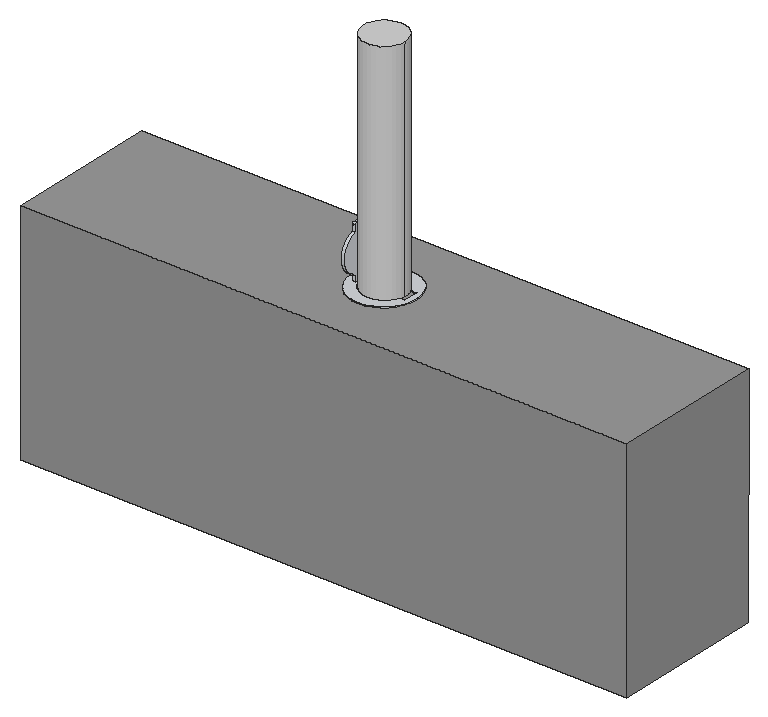
Revit family "Bollard-1_800_Bollards-Low_Speed-Internal_Locking_Removable-CS3", category Site, Revit 2017
Family settings
  Round Connector Dimension = Use Diameter
  Part Type = Normal
  OmniClass Number = 23.15.10.11.21
  OmniClass Title = Traffic Safety Barriers and Protections
  Work Plane-Based = No
  Always vertical = Yes
  Cut with Voids When Loaded = No
  Shared = No
Parameters (values of type "6 in 20 mph")
  URL = "https://1800bollards.com/"
  Type Comments = if([6 in Bollard], "6 in 20 mph Low Speed Crash Tested Bollard", if([8 in Bollard], "8 in 30 mph Low Speed Crash Tested Bollard", "4 in 10 mph Low Speed Crash Tested Bollard"))  # "6 in 20 mph Low Speed Crash Tested Bollard"
  Thickness = if([6 in Bollard], 0' 6 159/256", if([8 in Bollard], 0' 8 159/256", 0' 4 1/2"))  # 0' - 6 159/256"
  Stainless Steel = not(Carbon Steel)  # yes
  Sloped Offset [instance] = if(Sloped, 0' 0", Thickness)  # 0' - 6 159/256"
  Sloped [instance] = no
  Reveal Offset [instance] = if(Reveal, 0' 2 179/256", 0' 0")  # 0' - 0"
  Reveal [instance] = no
  Rebar by others = yes
  Product Page URL = "https://1800bollards.com/20-mph-low-speed-crash-tested-bollards/"
  Product Name = "Low Speed Crash Tested Bollards"  # constant formula
  Product Documentation Link = "https://1800bollards.com/20-mph-low-speed-crash-tested-bollards/"
  Model = "Internal Locking Removable Low Speed Crash Tested Bollard"  # constant formula
  Manufacturer = "1-800-BOLLARDS"  # constant formula
  Height Below Grade = 1' - 5 1/4"  # constant formula
  Height = 3' - 0"  # constant formula
  Foundation Width = 2' - 0"  # constant formula
  Foundation Length = if([4 in Bollard], 5' 0", 8' 0")  # 8' - 0"
  Foundation Depth = 3' - 0"  # constant formula
  Flat [instance] = not(or(or(Dome, Reveal, Sloped)))  # yes
  Finish = Metal-1_800_Bollards-Stainless_Steel
  Dome Offset [instance] = if(Dome, 0' 0", Dome Height + 0' 1")  # 0' - 2.91135"
  Dome Height = Bollard Radius * tan(30.00°)  # 0' - 1.91135"
  Dome [instance] = no
  Description = if(Carbon Steel, "Carbon Steel Low Speed Removable Bollard", "Stainless Steel Low Speed Removable Bollard")  # "Stainless Steel Low Speed Removable Bollard"
  Concrete by others = yes
  Concrete Finish by others = Concrete, Lightweight
  Carbon Steel = no
  Bollard Radius = Thickness / 2  # 0' - 3.31055"
  Bollard Cap Radius = Bollard Radius + 0' 1 215/256"  # 0' - 5.15039"
  Assembly Code = "G2020400"
  8 in Bollard = no
  6 in Bollard = yes
  4 in Bollard = not(or([6 in Bollard], [8 in Bollard]))  # no
Reference planes (in)
  plane 1 "Center (Front/Back)": y = 0
  plane 2: z = 0
  plane 3 "Center (Left/Right)": x = 0
  plane 4 "Top": z = 36
  plane 5 "Bottom": z = -17.25
  plane 6 "Right": x = 3.31055
  plane 7 "Left": x = -3.31055
  plane 8 "Back": y = 3.31055
  plane 9 "Front": y = -3.31055
Forms (in)
  Extrusion 1, solid, material "Metal-1_800_Bollards-Stainless_Steel" <- "Finish", detail levels medium+fine
    sketch origin (0, 0, 0) x (1, 0, 0) y (0, 1, 0)
      loop
        circle (0, 0) r 3.31055
    from -17.25 to 36
  Extrusion 2, solid, material "Metal-1_800_Bollards-Stainless_Steel" <- "Finish", detail levels coarse
    sketch origin (0, 0, 0) x (1, 0, 0) y (0, 1, 0)
      loop
        line (-3.31055, 3.31055) -> (-3.31055, -3.31055) -> (3.31055, -3.31055) -> (3.31055, 3.31055) -> (-3.31055, 3.31055)
    from -17.25 to 36
  Extrusion 3, void
    sketch origin (0, 0, 0) x (0, 1, 0) y (0, 0, 1)
      loop
        line (-3.31055, 42.62109) -> (3.31055, 37.98495) -> (3.31055, 42.62109) -> (-3.31055, 42.62109)
    from -3.31055 to 3.31055
  Revolve 4, void
    sketch origin (0, 0, 0.125) x (1, 0, 0) y (0, 0, 1)
      loop
        line (3.1567, 37.125) -> (3.1567, 35.875) -> (3.31055, 35.875) -> (3.31055, 37.125) -> (3.1567, 37.125)
      axis (0, 35.875) -> (0, 37.125)
    angle from 0 to 360
  Revolve 5, void
    sketch origin (0, 0, 0) x (1, 0, 0) y (0, 0, 1)
      loop
        line (3.31055, 37) -> (3.31055, 38.91135) -> (0, 38.91135)
        arc (0, 38.91135) -> (1.91135, 38.3992) -> (3.31055, 37) r 3.82269
      axis (0, 38.91135) -> (0, 37)
    angle from 0 to 360
  Extrusion 6, solid, material "Concrete, Lightweight" <- "Concrete Finish by others", visible <- "Concrete by others"
    sketch origin (0, 0, 0) x (0, 1, 0) y (0, 0, 1)
      loop
        line (12, 0) -> (-12, 0) -> (-12, -36) -> (12, -36) -> (12, 0)
    from -48 to 48
Cuts and joins
  Extrusion 3, Revolve 4, Revolve 5 cuts Extrusion 1
Dimensions and locks (in)
  "Height": plane 4 "Top" to level
  "Height Below Grade": level to plane 5 "Bottom"
  "Thickness": plane 7 "Left" to plane 6 "Right"
  "Thickness": plane 9 "Front" to plane 8 "Back"
  equal spacing: plane 9 "Front", plane 1 "Center (Front/Back)", plane 8 "Back"
  equal spacing: plane 7 "Left", plane 3 "Center (Left/Right)", plane 6 "Right"
  "Sloped Offset": Extrusion 3 sketch curve to plane 4 "Top"
  plane 6 "Right" to Revolve 4 sketch curve to Revolve 4 sketch curve = 0' - 0" locked, 0' - 0.15385" locked
  "Reveal Offset": plane 4 "Top" to Revolve 4 sketch curve
  locked: Revolve 4 sketch curve to Revolve 4 sketch curve at 1.25
  "Dome Offset": Revolve 5 sketch curve to plane 4 "Top"
  "Dome Height": Revolve 5 sketch curve to Revolve 5 sketch curve
  "Foundation Depth": Extrusion 6 to level
  "Foundation Width": Extrusion 6 to Extrusion 6
  equal spacing: Extrusion 6, plane 1 "Center (Front/Back)", Extrusion 6
  equal spacing: Extrusion 6, plane 3 "Center (Left/Right)", Extrusion 6
  "Foundation Length": Extrusion 6 to Extrusion 6
  locked: plane 1 "Center (Front/Back)" to nested 3 at 12
  locked: plane 3 "Center (Left/Right)" to Extrusion 1 sketch curve at 0
  locked: Extrusion 1 sketch curve to plane 1 "Center (Front/Back)" at 0
  "Bollard Radius": radius of Extrusion 1 sketch curve
  locked: Extrusion 3 sketch curve to plane 4 "Top" (angle 35.00°)
  aligned and locked: plane 2 to level
  aligned and locked: plane 4 "Top" to Extrusion 1
  aligned and locked: plane 8 "Back" to Extrusion 2 sketch curve
  aligned and locked: plane 7 "Left" to Extrusion 2 sketch curve
  aligned and locked: Extrusion 2 sketch curve to plane 9 "Front"
  aligned and locked: Extrusion 2 sketch curve to plane 6 "Right"
  aligned and locked: plane 4 "Top" to Extrusion 2
  aligned and locked: Revolve 4 sketch curve to plane 3 "Center (Left/Right)"
  aligned and locked: plane 6 "Right" to Revolve 5 sketch curve
  aligned and locked: plane 3 "Center (Left/Right)" to Revolve 5 sketch curve
  aligned and locked: plane 5 "Bottom" to Extrusion 1
  aligned and locked: plane 6 "Right" to Extrusion 3
  aligned and locked: Extrusion 3 to plane 7 "Left"
  aligned and locked: Extrusion 3 sketch curve to plane 8 "Back"
  aligned and locked: plane 9 "Front" to Extrusion 3 sketch curve
  aligned and locked: plane 5 "Bottom" to Extrusion 2
  aligned and locked: nested 2 to plane 1 "Center (Front/Back)"
  aligned and locked: nested 2 to level
  aligned and locked: nested 1 to level
  aligned and locked: nested 2 to Extrusion 6 sketch curve
  aligned and locked: plane 3 "Center (Left/Right)" to nested 3
  aligned and locked: plane 3 "Center (Left/Right)" to nested 4
  aligned and locked: plane 1 "Center (Front/Back)" to nested 4
  aligned and locked: nested 4 to plane 2
Automatic sketch dimensions
  plane 9 "Front" to Extrusion 6 sketch curve = 0' - 8.68945"
  Extrusion 6 sketch curve to plane 8 "Back" = 0' - 8.68945"
  plane 5 "Bottom" to Extrusion 6 sketch curve = 1' - 6 3/4"
  Revolve 4 sketch curve to plane 4 "Top" = 0' - 0.67477"
  Revolve 4 sketch curve to Revolve 4 sketch curve = 0' - 0.45023"
  Revolve 5 sketch curve to plane 3 "Center (Left/Right)" = 0' - 0"
  Revolve 5 sketch curve to Revolve 5 sketch curve = 0' - 0.90788"
  Revolve 5 sketch curve to Revolve 5 sketch curve = 0' - 0 5/8"
Nested families (in)
  nested 1: "Nested-1_800_Bollards-Low_Speed-Mounting_Detail" at (0, 0, 0) x (1, 0, 0) z (0, -1, 0), type "Mounting Detail Front View"
  nested 2: "Nested-1_800_Bollards-Low_Speed-Mounting_Detail" at (0, 0, 0) x (0, 1, 0) z (1, 0, 0), type "Mounting Detail Side View"
  nested 3: "Nested-1_800_Bollards-Low_Speed-Mounting_Detail_Top" at (0, 12, 0), type "Bollard Top View"
  nested 4: "Nested-1-800-Bollards-Cover" at (-3.56836, 0, 0), type "Cover"
Definition of nested family "Nested-1-800-Bollards-Cover"
  Parameters (values of type "Cover")
    URL = "https://1800bollards.com/"
    Type Comments = "For use with 1-800-Bollards Models Only"  # constant formula
    Padlock = yes
    Model = "Cover"  # constant formula
    Manufacturer = "1-800-Bollards"  # constant formula
    Finish = none
    Description = "Removable Hole Cover"  # constant formula
    Bollard Radius = 0' - 3.31055"
    Bollard Insert = Bollard Radius + 0' 0 33/128"  # 0' - 3.56836"
    Bollard Cap Radius = Bollard Radius + 0' 1 215/256"  # 0' - 5.15039"
  Reference planes (in)
    plane 1 "Center (Front/Back)": y = 0
    plane 2: z = 0
    plane 3 "Center (Left/Right)": x = 0
    plane 4 "Insert": x = 3.56836
  Forms (in)
    Extrusion 1, solid, material <- "Finish", detail levels medium+fine
      sketch origin (6.51405, -0.00005, 0) x (0, 1, 0) y (0, 0, 1)
        loop
          arc (1.21383, 0.94738) -> (3.32048, 4.03127) -> (1.21383, 7.11515) r 3.31055
          line (1.21383, 7.11515) -> (1.21383, 8.08128)
          arc (1.21383, 8.08128) -> (1.14567, 8.24583) -> (0.98112, 8.31399) r 0.23271
          line (0.98112, 8.31399) -> (-0.98101, 8.31399)
          arc (-0.98101, 8.31399) -> (-1.14556, 8.24583) -> (-1.21372, 8.08128) r 0.23271
          line (-1.21372, 8.08128) -> (-1.21372, 7.11515)
          arc (-1.21372, 7.11515) -> (-3.32037, 4.03127) -> (-1.21372, 0.94738) r 3.31055
          line (-1.21372, 0.94738) -> (-1.21372, 0) -> (1.21383, 0) -> (1.21383, 0.94738)
      from -7.02854 to -6.51405
    Revolve 2, solid, material <- "Finish", visible <- "Padlock", detail levels fine
      sketch origin (-0.51449, -0.00207, -0.00238) x (0, 1, 0) y (0, 0, 1)
        loop
          arc (-0.47364, 7.6877) -> (-0.62902, 7.53232) -> (-0.47364, 7.37694) r 0.15538
          line (-0.47364, 7.37694) -> (-0.35666, 7.37694) -> (-0.35666, 7.6877) -> (-0.47364, 7.6877)
        axis (0, 7.6877) -> (0, 7.37694)
      angle from 0 to 180
    Extrusion 3, solid, material <- "Finish", detail levels coarse
      sketch origin (0, 0, 0) x (1, 0, 0) y (0, 1, 0)
        loop
          line (-1.57848, 5.15039) -> (-1.57848, -5.15039) -> (8.66717, -5.15039) -> (8.66717, 5.15039) -> (-1.57848, 5.15039)
        loop
          line (0.25781, 3.31055) -> (0.25781, -3.31055) -> (6.87891, -3.31055) -> (6.87891, 3.31055) -> (0.25781, 3.31055)
      from 0 to 0.09354
    Extrusion 4, solid, material <- "Finish", detail levels medium+fine
      sketch origin (0, 0, 0) x (1, 0, 0) y (0, 1, 0)
        loop
          circle (3.51678, 0) r 5.15039
        loop
          line (7.56679, 1.22365) -> (6.70382, 1.22365)
          arc (6.70382, 1.22365) -> (3.56836, 3.47184) -> (0.4329, 1.22365) r 3.31055
          line (0.4329, 1.22365) -> (-0.51449, 1.22365) -> (-0.51449, -1.2039) -> (0.42628, -1.2039)
          arc (0.42628, -1.2039) -> (3.56836, -3.47184) -> (6.71044, -1.2039) r 3.31055
          line (6.71044, -1.2039) -> (7.56679, -1.2039)
          arc (7.56679, -1.2039) -> (7.73135, -1.13574) -> (7.7995, -0.97119) r 0.23271
          line (7.7995, -0.97119) -> (7.7995, 0.99094)
          arc (7.7995, 0.99094) -> (7.73135, 1.15549) -> (7.56679, 1.22365) r 0.23271
      from 0 to 0.09354
  Dimensions and locks (in)
    Extrusion 1 sketch curve to Extrusion 1 sketch curve to Extrusion 1 sketch curve = 0' - 0" locked, 0' - 1.19884" locked
    Extrusion 1 sketch curve to Extrusion 1 sketch curve to Extrusion 1 sketch curve to level = 0' - 0" locked, 0' - 0.94738" locked, 0' - 0" locked
    Extrusion 1 sketch curve to Extrusion 1 sketch curve to plane 1 "Center (Front/Back)" to Extrusion 1 sketch curve to Extrusion 1 sketch curve = 0' - 0" locked, 0' - 1.21377" locked, 0' - 1.21377" locked, 0' - 0" locked
    Extrusion 1 to Extrusion 1 = 0' - 0.51449"
    plane 1 "Center (Front/Back)" to Revolve 2 sketch curve to Revolve 2 sketch curve = 0' - 0.35873" locked, 0' - 0.27236" locked
    Extrusion 1 to Revolve 2 sketch curve to Revolve 2 sketch curve = 0' - 0.62867" locked, 0' - 0.31076" locked
    Extrusion 4 sketch curve to Extrusion 4 sketch curve to plane 1 "Center (Front/Back)" to Extrusion 4 sketch curve to Extrusion 4 sketch curve = 0' - 0" locked, 0' - 1.2039" locked, 0' - 1.22365" locked, 0' - 0" locked
    Extrusion 4 sketch curve to plane 3 "Center (Left/Right)" to Extrusion 4 sketch curve = 0' - 0.51449" locked, 0' - 0.4329" locked
    "Bollard Cap Radius": plane 1 "Center (Front/Back)" to Extrusion 3 sketch curve  (x2)
    locked: Extrusion 3 sketch curve to Extrusion 4
    locked: Extrusion 3 sketch curve to plane 3 "Center (Left/Right)" at 1.57848
    Extrusion 4 sketch curve to Extrusion 4 sketch curve to Extrusion 4 sketch curve = 0' - 0.00662" locked, 0' - 1.08906" locked
    "Bollard Insert": plane 3 "Center (Left/Right)" to plane 4 "Insert"
    "Bollard Radius": Extrusion 3 sketch curve to plane 4 "Insert"
    "Bollard Radius": plane 4 "Insert" to Extrusion 3 sketch curve
    "Bollard Radius": plane 1 "Center (Front/Back)" to Extrusion 3 sketch curve
    "Bollard Radius": Extrusion 3 sketch curve to plane 1 "Center (Front/Back)"
    Extrusion 3 to Extrusion 4 to level = 0' - 0" locked, 0' - 0.09354" locked
    locked: Extrusion 1 to plane 3 "Center (Left/Right)" at 0.51449
    "Bollard Radius": radius of Extrusion 1 sketch curve  (x2)
    "Bollard Radius": radius of Extrusion 4 sketch curve
    "Bollard Cap Radius": radius of Extrusion 4 sketch curve
    aligned and locked: plane 2 to level
    aligned and locked: Extrusion 3 to level
    aligned and locked: Extrusion 4 to level
    aligned and locked: plane 3 "Center (Left/Right)" to Extrusion 1
  Automatic sketch dimensions
    Revolve 2 sketch curve to Extrusion 1 = 0' - 0.38736"
    Revolve 2 sketch curve to Revolve 2 sketch curve = 0' - 0.35666"
    Revolve 2 sketch curve to Revolve 2 sketch curve = 0' - 2.83349"
    Extrusion 1 sketch curve to Extrusion 1 sketch curve = 0' - 0.23271"  (x2)
    plane 1 "Center (Front/Back)" to Extrusion 1 sketch curve = 0' - 0.00987"
    plane 1 "Center (Front/Back)" to Extrusion 4 sketch curve = 0' - 0"
    Extrusion 4 sketch curve to plane 4 "Insert" = 0' - 0"  (x2)
    Extrusion 4 sketch curve to plane 4 "Insert" = 0' - 0.05158"
    Extrusion 4 sketch curve to Extrusion 4 sketch curve = 0' - 0.23271"  (x2)
    plane 1 "Center (Front/Back)" to Extrusion 4 sketch curve = 0' - 0.16129"
Definition of nested family "Nested-1_800_Bollards-Low_Speed-Mounting_Detail"
  Parameters (values of type "Mounting Detail Side View")
    Width = 2' - 0"
    Warranty = ""
    URL = "https://1800bollards.com/"
    Type Comments = "For use with 1-800-Bollards Models Only"  # constant formula
    Side View Rebar 8 in Bollard = and(and(Side View Rebar, Bollard Width > 0' 7", Rebar by others))  # yes
    Side View Rebar = and(Side View, Rebar by others)  # yes
    Side View = yes
    Rebar by others = yes
    Rebar Spacing = if(Width > 5' 0", 1' 0", 0' 10")  # 0' - 10"
    Rebar Half Quantity = if(Width > 5' 0", 4, 3)  # 3
    Product Page URL = "https://1800bollards.com/30-mph-low-speed-crash-tested-bollards/"
    Product Name = "Low Speed Crash Tested Bollards"  # constant formula
    Product Documentation Link = "https://1800bollards.com/30-mph-low-speed-crash-tested-bollards/"
    Model = "Internal Locking Bollard Mounting Detail"  # constant formula
    Manufacturer = "1-800-BOLLARDS"  # constant formula
    Lid Height = Bollard Width + 0' 1 233/256"  # 0' - 10 17/32"
    Lid Depth = Bollard Width + 0' 8 9/128"  # 1' - 4 177/256"
    Front View Rebar 8 in Bollard = and(and(Front View Rebar, Bollard Width > 0' 7", Rebar by others))  # no
    Front View Rebar = and(Front View, Rebar by others)  # no
    Front View = not(Side View)  # no
    Description = "Internal Locking Low Speed Bollard"  # constant formula
    Depth = 3' - 0"
    Concrete by others = yes
    Center Spacing = 0' - 8.17511"
    Bollard Width = 0' - 8 159/256"
    Bollard Radius = Bollard Width / 2  # 0' - 4.31055"
    Bollard Depth = 1' - 5 1/4"
  Types (2): name | Width | Side View Rebar 8 in Bollard | Side View Rebar | Side View | Rebar Spacing | Rebar Half Quantity | Front View Rebar 8 in Bollard | Front View Rebar | Front View
    Mounting Detail Front View | 8' - 0" | no | no | no | 1' - 0" | 4 | yes | yes | yes
    Mounting Detail Side View | 2' - 0" | yes | yes | yes | 0' - 10" | 3 | no | no | no
  Reference planes (in)
    plane 1 "Top": y = 0
    plane 2: z = 0
    plane 3 "Center (Left/Right)": x = 0
    plane 4 "Bottom": y = -36
    plane 5 "Left": x = -12
    plane 6 "Right": x = 12
  Lines and regions (in)
    Filled region 1, type "Concrete", in view "Ref. Level", visible <- "Concrete by others", detail levels medium+fine
      outline origin (0, 0, 0) x (1, 0, 0) y (0, 1, 0)
        loop
          line (-12, 0) -> (-12, -36) -> (12, -36) -> (12, 0) -> (-12, 0)
    Masking region 1, in view "Ref. Level", visible <- "Concrete by others", detail levels coarse
      outline origin (0, 0, 0) x (1, 0, 0) y (0, 1, 0)
        loop
          line (-12, 0) -> (-12, -36) -> (12, -36) -> (12, 0) -> (-12, 0)
    Masking region 2, in view "Ref. Level", visible <- "Front View Rebar", detail levels fine
      outline origin (-10.5, -10.23741, 0) x (-1, 0, 0) y (0, -1, 0)
        loop
          line (-19.46125, -6.98) -> (-19.46125, -7.48) -> (-0.96125, -7.48) -> (-0.96125, -6.98) -> (-19.46125, -6.98)
        loop
          line (-0.96125, 22.5) -> (-0.96125, 23) -> (-19.46125, 23) -> (-19.46125, 22.5) -> (-0.96125, 22.5)
        loop
          line (-19.46125, -5.74) -> (-19.46125, -6.24) -> (-0.96125, -6.24) -> (-0.96125, -5.74) -> (-19.46125, -5.74)
        loop
          line (-19.46125, 3.26) -> (-19.46125, 2.76) -> (-0.96125, 2.76) -> (-0.96125, 3.26) -> (-19.46125, 3.26)
        loop
          line (-19.46125, 12.26) -> (-19.46125, 11.76) -> (-0.96125, 11.76) -> (-0.96125, 12.26) -> (-19.46125, 12.26)
        loop
          line (-19.46125, 21.26) -> (-19.46125, 20.76) -> (-0.96125, 20.76) -> (-0.96125, 21.26) -> (-19.46125, 21.26)
    Masking region 3, in view "Ref. Level", visible <- "Side View Rebar", detail levels fine
      outline origin (41.63405, -6.88802, 0) x (1, 0, 0) y (0, 1, 0)
        loop
          line (-42.84777, 17.07956) -> (-42.84777, 16.11343)
          arc (-42.84777, 16.11343) -> (-45.95442, 11.97442) -> (-42.84777, 7.8354) r 4.31055
          line (-42.84777, 7.8354) -> (-42.84777, 6.88802) -> (-40.42022, 6.88802) -> (-40.42022, 7.8354)
          arc (-40.42022, 7.8354) -> (-37.31357, 11.97442) -> (-40.42022, 16.11343) r 4.31055
          line (-40.42022, 16.11343) -> (-40.42022, 17.07956)
          arc (-40.42022, 17.07956) -> (-40.48838, 17.24411) -> (-40.65293, 17.31227) r 0.23271
          line (-40.65293, 17.31227) -> (-42.61506, 17.31227)
          arc (-42.61506, 17.31227) -> (-42.77961, 17.24411) -> (-42.84777, 17.07956) r 0.23271
    Masking region 4, in view "Ref. Level", visible <- "Front View Rebar", detail levels fine
      outline origin (42.50143, -5.42558, 0) x (1, 0, 0) y (0, 1, 0)
        loop
          line (-50.84713, 5.10016) -> (-44.07028, 5.10016) -> (-44.07028, 4.15277) -> (-40.93258, 4.15277) -> (-40.93258, 5.10016) -> (-34.15573, 5.10016) -> (-34.15573, 5.42558) -> (-50.84713, 5.42558) -> (-50.84713, 5.10016)
    Masking region 5, in view "Ref. Level", visible <- "Side View Rebar", detail levels fine
      outline origin (18.69205, -3.74323, 0) x (1, 0, 0) y (0, 1, 0)
        loop
          line (-27.03775, 3.21883) -> (-25.35993, 3.21883) -> (-25.35993, 1.69217) -> (-23.88748, 1.69217) -> (-23.88748, 3.21883) -> (-10.34635, 3.21883) -> (-10.34635, 3.74323) -> (-27.03775, 3.74323) -> (-27.03775, 3.21883)
    Masking region 6, in view "Ref. Level", visible <- "Front View Rebar", detail levels fine
      outline origin (-44.2741, 10.32985, 0) x (1, 0, 0) y (0, 1, 0)
        loop
          line (37.29143, -10.32985) -> (37.79003, -10.32985) -> (39.96356, 0.2014) -> (39.50028, 0.2014) -> (37.29143, -10.32985)
    Masking region 7, in view "Ref. Level", visible <- "Front View Rebar", detail levels fine
      outline origin (19.19753, -54.75767, 0) x (1, 0, 0) y (0, 1, 0)
        loop
          line (-28.20993, 21.02026) -> (-27.70993, 21.02026) -> (-27.70993, 52.13962) -> (-27.62264, 52.13962) -> (-27.62264, 21.02026) -> (-27.37264, 21.02026) -> (-27.12264, 21.02026) -> (-27.12264, 52.49602) -> (-28.20993, 52.49602) -> (-28.20993, 21.02026)
    Masking region 8, in view "Ref. Level", visible <- "Front View Rebar", detail levels fine
      outline origin (36.13503, -54.75767, 0) x (1, 0, 0) y (0, 1, 0)
        loop
          line (-28.79721, 21.02026) -> (-28.29721, 21.02026) -> (-28.29721, 52.13962) -> (-28.20993, 52.13962) -> (-28.20993, 21.02026) -> (-27.95993, 21.02026) -> (-27.70993, 21.02026) -> (-27.70993, 52.49602) -> (-28.79721, 52.49602) -> (-28.79721, 21.02026)
    Masking region 9, in view "Ref. Level", visible <- "Front View Rebar", detail levels fine
      outline origin (36.13503, -54.75767, 0) x (1, 0, 0) y (0, 1, 0)
        loop
          line (-18.79721, 21.02026) -> (-18.29721, 21.02026) -> (-18.29721, 52.13962) -> (-18.20993, 52.13962) -> (-18.20993, 21.02026) -> (-17.95993, 21.02026) -> (-17.70993, 21.02026) -> (-17.70993, 52.49602) -> (-18.79721, 52.49602) -> (-18.79721, 21.02026)
    Masking region 10, in view "Ref. Level", visible <- "Front View Rebar", detail levels fine
      outline origin (36.13503, -54.75767, 0) x (1, 0, 0) y (0, 1, 0)
        loop
          line (-8.79721, 21.02026) -> (-8.29721, 21.02026) -> (-8.29721, 52.13962) -> (-8.20993, 52.13962) -> (-8.20993, 21.02026) -> (-7.95993, 21.02026) -> (-7.70993, 21.02026) -> (-7.70993, 52.49602) -> (-8.79721, 52.49602) -> (-8.79721, 21.02026)
    Masking region 11, in view "Ref. Level", visible <- "Front View Rebar", detail levels fine
      outline origin (19.19753, -54.75767, 0) x (1, 0, 0) y (0, 1, 0)
        loop
          line (-38.20993, 21.02026) -> (-37.70993, 21.02026) -> (-37.70993, 52.13962) -> (-37.62264, 52.13962) -> (-37.62264, 21.02026) -> (-37.37264, 21.02026) -> (-37.12264, 21.02026) -> (-37.12264, 52.49602) -> (-38.20993, 52.49602) -> (-38.20993, 21.02026)
    Masking region 12, in view "Ref. Level", visible <- "Front View Rebar", detail levels fine
      outline origin (19.19753, -54.75767, 0) x (1, 0, 0) y (0, 1, 0)
        loop
          line (-48.20993, 21.02026) -> (-47.70993, 21.02026) -> (-47.70993, 52.13962) -> (-47.62264, 52.13962) -> (-47.62264, 21.02026) -> (-47.37264, 21.02026) -> (-47.12264, 21.02026) -> (-47.12264, 52.49602) -> (-48.20993, 52.49602) -> (-48.20993, 21.02026)
    Masking region 13, in view "Ref. Level", visible <- "Front View Rebar", detail levels fine
      outline origin (-122.73384, 0, 0) x (1, 0, 0) y (0, 1, 0)
        loop
          line (93.00623, -4.74) -> (93.00623, -5.24) -> (151.91894, -5.24) -> (151.91894, -4.74) -> (93.00623, -4.74)
        loop
          line (93.00623, -7.74) -> (93.00623, -8.24) -> (151.91894, -8.24) -> (151.91894, -7.74) -> (93.00623, -7.74)
        loop
          line (93.00623, -9.74) -> (93.00623, -10.24) -> (151.91894, -10.24) -> (151.91894, -9.74) -> (93.00623, -9.74)
        loop
          line (93.00623, -12.74) -> (93.00623, -13.24) -> (151.91894, -13.24) -> (151.91894, -12.74) -> (93.00623, -12.74)
    Masking region 14, in view "Ref. Level", visible <- "Front View Rebar 8 in Bollard", detail levels fine
      outline origin (-122.73384, -3, 0) x (1, 0, 0) y (0, 1, 0)
        loop
          line (93.00623, -12.74) -> (93.00623, -13.24) -> (151.91894, -13.24) -> (151.91894, -12.74) -> (93.00623, -12.74)
    Masking region 15, in view "Ref. Level", visible <- "Side View Rebar", detail levels fine
      outline origin (0, 0, 0) x (1, 0, 0) y (0, 1, 0)
        loop
          line (6.99, -1.5) -> (-7.01, -1.5)
          arc (-7.01, -1.5) -> (-8.42421, -2.08579) -> (-9.01, -3.5) r 2
          line (-9.01, -3.5) -> (-9.01, -31)
          arc (-9.01, -31) -> (-8.42421, -32.41421) -> (-7.01, -33) r 2
          line (-7.01, -33) -> (6.99, -33)
          arc (6.99, -33) -> (8.40421, -32.41421) -> (8.99, -31) r 2
          line (8.99, -31) -> (8.99, -3.5)
          arc (8.99, -3.5) -> (8.40421, -2.08579) -> (6.99, -1.5) r 2
        loop
          arc (-7.01, -2) -> (-8.07066, -2.43934) -> (-8.51, -3.5) r 1.5
          line (-8.51, -3.5) -> (-8.51, -31)
          arc (-8.51, -31) -> (-8.07066, -32.06066) -> (-7.01, -32.5) r 1.5
          line (-7.01, -32.5) -> (6.99, -32.5)
          arc (6.99, -32.5) -> (8.05066, -32.06066) -> (8.49, -31) r 1.5
          line (8.49, -31) -> (8.49, -3.5)
          arc (8.49, -3.5) -> (8.05066, -2.43934) -> (6.99, -2) r 1.5
          line (6.99, -2) -> (-7.01, -2)
    Masking region 16, in view "Ref. Level", visible <- "Side View Rebar", detail levels fine
      outline origin (-153.00217, -89.31846, 0) x (1, 0, 0) y (0, 1, 0)
        loop
          line (144.26217, 84.55846) -> (144.26217, 84.05846) -> (159.00217, 84.05846) -> (159.00217, 84.55846) -> (144.26217, 84.55846)
        loop
          line (144.26217, 81.55846) -> (144.26217, 81.05846) -> (159.00217, 81.05846) -> (159.00217, 81.55846) -> (144.26217, 81.55846)
        loop
          line (147.00043, 79.55846) -> (147.00043, 79.05846) -> (161.76217, 79.05846) -> (161.76217, 79.55846) -> (147.00043, 79.55846)
        loop
          line (147.00043, 76.55846) -> (147.00043, 76.05846) -> (161.76217, 76.05846) -> (161.76217, 76.55846) -> (147.00043, 76.55846)
    Masking region 17, in view "Ref. Level", visible <- "Side View Rebar 8 in Bollard", detail levels fine
      outline origin (-153.00217, -89.31846, 0) x (1, 0, 0) y (0, 1, 0)
        loop
          line (147.00043, 73.55846) -> (147.00043, 73.05846) -> (161.76217, 73.05846) -> (161.76217, 73.55846) -> (147.00043, 73.55846)
    Masking region 18, in view "Ref. Level", visible <- "Side View Rebar", detail levels fine
      outline origin (0, 0, 0) x (1, 0, 0) y (0, 1, 0)
        loop
          line (-5.5, -1.76) -> (-5.5, -32.76) -> (-5, -32.76) -> (-5, -1.76) -> (-5.5, -1.76)
        loop
          line (5, -1.76) -> (5, -32.76) -> (5.5, -32.76) -> (5.5, -1.76) -> (5, -1.76)
    Masking region 19, in view "Ref. Level", detail levels medium+fine
      outline origin (0, 0, 0) x (1, 0, 0) y (0, 1, 0)
        loop
          line (-1.01, -35.86) -> (0.99, -35.86) -> (0.99, -17.25) -> (-1.01, -17.25) -> (-1.01, -35.86)
    Masking region 20, in view "Ref. Level", detail levels medium+fine
      outline origin (0, 0, 0) x (1, 0, 0) y (0, 1, 0)
        loop
          line (-4.5918, 0) -> (-4.5918, -17.25) -> (4.5918, -17.25) -> (4.5918, 0) -> (-4.5918, 0)
    detail lines, in view "Ref. Level", detail levels medium+fine
      curve 1: line (-4.31055, 0, 0) -> (-4.31055, -17.25, 0)
      curve 2: line (4.31055, -17.25, 0) -> (4.31055, 0, 0)
  Dimensions and locks (in)
    "Depth": plane 4 "Bottom" to plane 1 "Top"
    "Width": plane 5 "Left" to plane 6 "Right"
    equal spacing: plane 5 "Left", plane 3 "Center (Left/Right)", plane 6 "Right"
    equal spacing: curve 1, plane 3 "Center (Left/Right)", curve 2
    "Bollard Width": curve 1 to curve 2
    plane 1 "Top" to Masking region 2 sketch curve to Masking region 2 sketch curve to Masking region 2 sketch curve to Masking region 2 sketch curve to Masking region 2 sketch curve to Masking region 2 sketch curve to Masking region 2 sketch curve to Masking region 2 sketch curve to Masking region 2 sketch curve to Masking region 2 sketch curve to Masking region 2 sketch curve to Masking region 2 sketch curve = 0' - 2.75741" locked, 0' - 0 1/2" locked, 0' - 0.74" locked, 0' - 0 1/2" locked, 0' - 8 1/2" locked, 0' - 0 1/2" locked, 0' - 8 1/2" locked, 0' - 0 1/2" locked, 0' - 8 1/2" locked, 0' - 0 1/2" locked, 0' - 1.24" locked, 0' - 0 1/2" locked
    plane 5 "Left" to Masking region 2 sketch curve to Masking region 2 sketch curve to Masking region 2 sketch curve to Masking region 2 sketch curve to Masking region 2 sketch curve to Masking region 2 sketch curve = 0' - 2.46125" locked, 0' - 0" locked, 0' - 0" locked, 0' - 0" locked, 0' - 0" locked, 0' - 0" locked
    Masking region 2 sketch curve to Masking region 2 sketch curve to Masking region 2 sketch curve to Masking region 2 sketch curve to Masking region 2 sketch curve to Masking region 2 sketch curve to plane 6 "Right" = 0' - 0" locked, 0' - 0" locked, 0' - 0" locked, 0' - 0" locked, 0' - 0" locked, 0' - 3.03875" locked
    Masking region 6 sketch curve to Masking region 6 sketch curve to Masking region 6 sketch curve to Masking region 6 sketch curve = 0' - 0.4986" locked, 0' - 1.71025" locked, 0' - 0.46328" locked
    plane 1 "Top" to Masking region 6 sketch curve = 0' - 0"
    Masking region 5 sketch curve to Masking region 5 sketch curve to Masking region 5 sketch curve = 0' - 1.67782", 0' - 1.47245" locked
    Masking region 5 sketch curve to Masking region 5 sketch curve to Masking region 5 sketch curve to plane 1 "Top" to Masking region 5 sketch curve = 0' - 1.52666" locked, 0' - 0" locked, 0' - 0.5244" locked, 0' - 0" locked
    Masking region 3 sketch curve to Masking region 3 sketch curve to plane 3 "Center (Left/Right)" to Masking region 3 sketch curve to Masking region 3 sketch curve = 0' - 0" locked, 0' - 1.21372" locked, 0' - 1.21383" locked, 0' - 0" locked
    Masking region 3 sketch curve to plane 1 "Top" to Masking region 3 sketch curve to Masking region 3 sketch curve = 0' - 0" locked, 0' - 0.94738" locked, 0' - 0" locked
    Masking region 3 sketch curve to Masking region 3 sketch curve to Masking region 3 sketch curve = 0' - 1.19884" locked, 0' - 0" locked
    "Lid Height": plane 1 "Top" to Masking region 6 sketch curve
    "Lid Depth": Masking region 4 sketch curve to Masking region 4 sketch curve
    Masking region 4 sketch curve to plane 3 "Center (Left/Right)" to Masking region 4 sketch curve = 0' - 1.56885" locked, 0' - 1.56885" locked
    Masking region 4 sketch curve to Masking region 4 sketch curve to plane 1 "Top" to Masking region 4 sketch curve = 0' - 0.94738" locked, 0' - 0.32542" locked, 0' - 0" locked
    "Lid Depth": Masking region 5 sketch curve to Masking region 5 sketch curve
    equal spacing: Masking region 5 sketch curve, plane 3 "Center (Left/Right)", Masking region 5 sketch curve
    equal spacing: Masking region 4 sketch curve, plane 3 "Center (Left/Right)", Masking region 4 sketch curve
    equal spacing: group 1, group 2, group 3  (x3)
    equal spacing: group 6, group 5, group 4
    equal spacing: group 4, group 5, group 6  (x2)
    "Center Spacing": Masking region 7 to plane 3 "Center (Left/Right)"
    "Rebar Spacing": Masking region 7 to Masking region 11
    "Center Spacing": plane 3 "Center (Left/Right)" to Masking region 8
    "Rebar Spacing": Masking region 9 to Masking region 8
    Masking region 8 sketch curve to Masking region 8 sketch curve to Masking region 8 sketch curve to Masking region 8 sketch curve = 0' - 0 1/2" locked, 0' - 0.08728" locked, 0' - 0 1/2" locked
    Masking region 8 sketch curve to Masking region 8 sketch curve to Masking region 8 sketch curve to Masking region 8 sketch curve = 0' - 0" locked, 2' - 7.11936" locked, 0' - 0.35641" locked
    Masking region 9 sketch curve to Masking region 9 sketch curve to Masking region 9 sketch curve to Masking region 9 sketch curve = 0' - 0 1/2" locked, 0' - 0.08728" locked, 0' - 0 1/2" locked
    Masking region 9 sketch curve to Masking region 9 sketch curve to Masking region 9 sketch curve to Masking region 9 sketch curve = 0' - 0" locked, 2' - 7.11936" locked, 0' - 0.35641" locked
    Masking region 10 sketch curve to Masking region 10 sketch curve to Masking region 10 sketch curve to Masking region 10 sketch curve = 0' - 0 1/2" locked, 0' - 0.08728" locked, 0' - 0 1/2" locked
    Masking region 10 sketch curve to Masking region 10 sketch curve to Masking region 10 sketch curve to Masking region 10 sketch curve = 0' - 0" locked, 2' - 7.11936" locked, 0' - 0.35641" locked
    Masking region 7 sketch curve to Masking region 7 sketch curve to Masking region 7 sketch curve to Masking region 7 sketch curve = 0' - 0 1/2" locked, 0' - 0.08728" locked, 0' - 0 1/2" locked
    Masking region 7 sketch curve to Masking region 7 sketch curve to Masking region 7 sketch curve to Masking region 7 sketch curve = 0' - 0" locked, 2' - 7.11936" locked, 0' - 0.35641" locked
    Masking region 11 sketch curve to Masking region 11 sketch curve to Masking region 11 sketch curve to Masking region 11 sketch curve = 0' - 0 1/2" locked, 0' - 0.08728" locked, 0' - 0 1/2" locked
    Masking region 11 sketch curve to Masking region 11 sketch curve to Masking region 11 sketch curve to Masking region 11 sketch curve = 0' - 0" locked, 2' - 7.11936" locked, 0' - 0.35641" locked
    Masking region 12 sketch curve to Masking region 12 sketch curve to Masking region 12 sketch curve to Masking region 12 sketch curve = 0' - 0 1/2" locked, 0' - 0.08728" locked, 0' - 0 1/2" locked
    Masking region 12 sketch curve to Masking region 12 sketch curve to Masking region 12 sketch curve to Masking region 12 sketch curve = 0' - 0" locked, 2' - 7.11936" locked, 0' - 0.35641" locked
    locked: Masking region 8 to plane 1 "Top" at 2.26165
    locked: Masking region 10 to plane 1 "Top" at 2.26165
    locked: Masking region 12 to plane 1 "Top" at 2.26165
    locked: Masking region 7 to plane 1 "Top" at 2.26165
    Masking region 7 to Masking region 8 = 1' - 4.35022"
    Masking region 13 sketch curve to Masking region 13 sketch curve to Masking region 13 sketch curve to Masking region 13 sketch curve to Masking region 12 = 0' - 0" locked, 0' - 0" locked, 0' - 0" locked, 0' - 0.71522" locked
    Masking region 10 to Masking region 13 sketch curve to Masking region 13 sketch curve to Masking region 13 sketch curve to Masking region 13 sketch curve = 0' - 0.76" locked, 0' - 0" locked, 0' - 0" locked, 0' - 0" locked
    locked: Masking region 10 to Masking region 14 sketch curve at 0.76
    locked: Masking region 14 sketch curve to Masking region 12 at 0.71522
    plane 1 "Top" to Masking region 13 sketch curve to Masking region 13 sketch curve to Masking region 13 sketch curve to Masking region 13 sketch curve to Masking region 13 sketch curve to Masking region 13 sketch curve to Masking region 13 sketch curve to Masking region 13 sketch curve = 0' - 4.74" locked, 0' - 0 1/2" locked, 0' - 2 1/2" locked, 0' - 0 1/2" locked, 0' - 1 1/2" locked, 0' - 0 1/2" locked, 0' - 2 1/2" locked, 0' - 0 1/2" locked
    Masking region 14 sketch curve to Masking region 14 sketch curve to plane 1 "Top" = 0' - 0 1/2" locked, 1' - 3.74" locked
    Masking region 15 sketch curve to Masking region 15 sketch curve to plane 3 "Center (Left/Right)" to Masking region 15 sketch curve to Masking region 15 sketch curve = 0' - 0 1/2" locked, 0' - 8.51" locked, 0' - 8.49" locked, 0' - 0 1/2" locked
    Masking region 15 sketch curve to Masking region 15 sketch curve to Masking region 15 sketch curve to Masking region 15 sketch curve to plane 1 "Top" = 0' - 0 1/2" locked, 2' - 6 1/2" locked, 0' - 0 1/2" locked, 0' - 1 1/2" locked
    "Bollard Depth": plane 1 "Top" to Masking region 19 sketch curve
    locked: Masking region 19 sketch curve to plane 4 "Bottom" at 0.14
    Masking region 19 sketch curve to plane 3 "Center (Left/Right)" to Masking region 19 sketch curve = 0' - 1.01" locked, 0' - 0.99" locked
    locked: Masking region 20 sketch curve to curve 1 at 0.28125
    locked: curve 2 to Masking region 20 sketch curve at 0.28125
    "Bollard Depth": plane 1 "Top" to Masking region 20 sketch curve
    Masking region 16 sketch curve to Masking region 16 sketch curve to Masking region 16 sketch curve to Masking region 16 sketch curve to plane 3 "Center (Left/Right)" to Masking region 16 sketch curve to Masking region 16 sketch curve to Masking region 16 sketch curve to Masking region 16 sketch curve = 0' - 0" locked, 0' - 2.73826" locked, 0' - 0" locked, 0' - 6.00174" locked, 0' - 6" locked, 0' - 0" locked, 0' - 2.76" locked, 0' - 0" locked
    Masking region 16 sketch curve to Masking region 16 sketch curve to Masking region 16 sketch curve to Masking region 16 sketch curve to Masking region 16 sketch curve to Masking region 16 sketch curve to Masking region 16 sketch curve to Masking region 16 sketch curve to plane 1 "Top" = 0' - 0 1/2" locked, 0' - 2 1/2" locked, 0' - 0 1/2" locked, 0' - 1 1/2" locked, 0' - 0 1/2" locked, 0' - 2 1/2" locked, 0' - 0 1/2" locked, 0' - 4.76" locked
    Masking region 17 sketch curve to plane 3 "Center (Left/Right)" to Masking region 17 sketch curve = 0' - 6.00174" locked, 0' - 8.76" locked
    Masking region 17 sketch curve to Masking region 17 sketch curve to plane 1 "Top" = 0' - 0 1/2" locked, 1' - 3.76" locked
    Masking region 18 sketch curve to Masking region 18 sketch curve to plane 3 "Center (Left/Right)" to Masking region 18 sketch curve to Masking region 18 sketch curve = 0' - 0 1/2" locked, 0' - 5" locked, 0' - 5" locked, 0' - 0 1/2" locked
    Masking region 18 sketch curve to Masking region 18 sketch curve to Masking region 18 sketch curve to Masking region 18 sketch curve to plane 1 "Top" = 0' - 0" locked, 2' - 7" locked, 0' - 0" locked, 0' - 1.76" locked
    "Bollard Radius": Masking region 6 sketch curve to plane 3 "Center (Left/Right)"
    "Bollard Radius": radius of Masking region 3 sketch curve  (x2)
    aligned and locked: plane 1 "Top" to Filled region 1 sketch curve
    aligned and locked: plane 1 "Top" to Masking region 1 sketch curve
    aligned and locked: plane 4 "Bottom" to Masking region 1 sketch curve
    aligned and locked: plane 6 "Right" to Masking region 1 sketch curve
    aligned and locked: plane 5 "Left" to Masking region 1 sketch curve
    aligned and locked: plane 5 "Left" to Filled region 1 sketch curve
    aligned and locked: plane 6 "Right" to Filled region 1 sketch curve
    aligned and locked: plane 4 "Bottom" to Filled region 1 sketch curve
    aligned and locked: Masking region 20 to curve 1
    aligned and locked: Masking region 20 to curve 2
    aligned and locked: plane 1 "Top" to Masking region 20 sketch curve
    aligned and locked: plane 1 "Top" to curve 2
    aligned and locked: plane 1 "Top" to curve 1
  Automatic sketch dimensions
    Masking region 7 sketch curve to Masking region 7 sketch curve = 0' - 0 1/4"
    Masking region 8 sketch curve to Masking region 8 sketch curve = 0' - 0 1/4"
    Masking region 9 sketch curve to Masking region 9 sketch curve = 0' - 0 1/4"
    Masking region 10 sketch curve to Masking region 10 sketch curve = 0' - 0 1/4"
    Masking region 11 sketch curve to Masking region 11 sketch curve = 0' - 0 1/4"
    Masking region 12 sketch curve to Masking region 12 sketch curve = 0' - 0 1/4"
    Masking region 15 sketch curve to Masking region 15 sketch curve = 0' - 0"  (x4)
    Masking region 15 sketch curve to Masking region 15 sketch curve = 0' - 1 1/2"  (x3)
    Masking region 15 sketch curve to Masking region 15 sketch curve = 1' - 2"
    plane 1 "Top" to curve 2 = 1' - 5 1/4"
    curve 1 to curve 2 = 0' - 0"
    Masking region 3 sketch curve to Masking region 3 sketch curve = 0' - 0.23271"  (x2)
    Masking region 3 sketch curve to plane 3 "Center (Left/Right)" = 0' - 0.00982"
    plane 1 "Top" to Masking region 4 sketch curve = 0' - 0.32542"
    Masking region 5 sketch curve to Masking region 5 sketch curve = 0' - 0"
Definition of nested family "Nested-1_800_Bollards-Low_Speed-Mounting_Detail_Top"
  Parameters (values of type "Bollard Top View")
    Width = 8' - 0"
    Warranty = ""
    URL = "https://1800bollards.com/"
    Type Comments = "For use with 1-800-Bollards Models Only"  # constant formula
    Rebar by others = yes
    Rebar Spacing = if(Width > 5' 0", 1' 0", 0' 10")  # 1' - 0"
    Rebar Half Quantity = if(Width > 5' 0", 4, 3)  # 4
    Product Page URL = "https://1800bollards.com/20-mph-low-speed-crash-tested-bollards/"
    Product Name = "Low Speed Crash Tested Bollards"  # constant formula
    Product Documentation Link = "https://1800bollards.com/20-mph-low-speed-crash-tested-bollards/"
    Model = "Internal Locking Bollard Mounting Detail"  # constant formula
    Manufacturer = "1-800-BOLLARDS"  # constant formula
    Description = "Internal Locking Low Speed Bollard"  # constant formula
    Depth = 2' - 0"  # constant formula
    Concrete by others = yes
    Center Spacing = if(Width > 5' 0", 0' 8 45/256", 0' 6 15/32")  # 0' - 8 45/256"
    Bollard Width = 0' - 8 159/256"
    Bollard Radius = Bollard Width / 2  # 0' - 4.31055"
    8 in Bollard Rebar = and(Rebar by others, [8 in Bollard])  # yes
    8 in Bollard = yes
    6 in Bollard Rebar = and(Rebar by others, [6 in Bollard])  # no
    6 in Bollard = no
    4 in Bollard Rebar = and(Rebar by others, [4 in Bollard])  # no
    4 in Bollard = no
  Reference planes (in)
    plane 1 "Top": y = 0
    plane 2: z = 0
    plane 3 "Center (Left/Right)": x = 0
    plane 4 "Bottom": y = -24
    plane 5 "Left": x = -48
    plane 6 "Right": x = 48
  Lines and regions (in)
    Filled region 1, type "Concrete", in view "Ref. Level", visible <- "Concrete by others", detail levels medium+fine
      outline origin (0, 0, 0) x (1, 0, 0) y (0, 1, 0)
        loop
          line (-48, 0) -> (-48, -24) -> (48, -24) -> (48, 0) -> (-48, 0)
    Masking region 1, in view "Ref. Level", detail levels coarse
      outline origin (0, 0, 0) x (1, 0, 0) y (0, 1, 0)
        loop
          line (-48, 0) -> (-48, -24) -> (48, -24) -> (48, 0) -> (-48, 0)
    Masking region 2, in view "Ref. Level", visible <- "Rebar by others", detail levels fine
      outline origin (-10.5, -10.23741, 0) x (-1, 0, 0) y (0, -1, 0)
        loop
          line (-55.46125, -6.23741) -> (-55.46125, -6.73741) -> (35.03875, -6.73741) -> (35.03875, -6.23741) -> (-55.46125, -6.23741)
        loop
          line (-55.46125, -3.73741) -> (-55.46125, -4.23741) -> (35.03875, -4.23741) -> (35.03875, -3.73741) -> (-55.46125, -3.73741)
        loop
          line (-55.46125, 7.76259) -> (-55.46125, 7.26259) -> (35.03875, 7.26259) -> (35.03875, 7.76259) -> (-55.46125, 7.76259)
        loop
          line (-55.46125, 10.26259) -> (-55.46125, 9.76259) -> (35.03875, 9.76259) -> (35.03875, 10.26259) -> (-55.46125, 10.26259)
    Masking region 3, in view "Ref. Level", visible <- "Rebar by others", detail levels fine
      outline origin (19.19753, -54.75767, 0) x (1, 0, 0) y (0, 1, 0)
        loop
          line (-26.50357, 33.75767) -> (-26.00357, 33.75767) -> (-26.00357, 51.40127) -> (-25.91628, 51.40127) -> (-25.91628, 43.75767) -> (-25.66628, 43.75767) -> (-25.41628, 43.75767) -> (-25.41628, 51.75767) -> (-26.50357, 51.75767) -> (-26.50357, 33.75767)
    Masking region 4, in view "Ref. Level", visible <- "Rebar by others", detail levels fine
      outline origin (36.13503, -54.75767, 0) x (1, 0, 0) y (0, 1, 0)
        loop
          line (-28.79654, 33.75767) -> (-28.29654, 33.75767) -> (-28.29654, 51.40127) -> (-28.20925, 51.40127) -> (-28.20925, 43.75767) -> (-27.95925, 43.75767) -> (-27.70925, 43.75767) -> (-27.70925, 51.75767) -> (-28.79654, 51.75767) -> (-28.79654, 33.75767)
    Masking region 5, in view "Ref. Level", visible <- "Rebar by others", detail levels fine
      outline origin (36.13503, -54.75767, 0) x (1, 0, 0) y (0, 1, 0)
        loop
          line (-16.79654, 33.75767) -> (-16.29654, 33.75767) -> (-16.29654, 51.40127) -> (-16.20925, 51.40127) -> (-16.20925, 43.75767) -> (-15.95925, 43.75767) -> (-15.70925, 43.75767) -> (-15.70925, 51.75767) -> (-16.79654, 51.75767) -> (-16.79654, 33.75767)
    Masking region 6, in view "Ref. Level", visible <- "Rebar by others", detail levels fine
      outline origin (36.13503, -54.75767, 0) x (1, 0, 0) y (0, 1, 0)
        loop
          line (-4.79654, 33.75767) -> (-4.29654, 33.75767) -> (-4.29654, 51.40127) -> (-4.20925, 51.40127) -> (-4.20925, 43.75767) -> (-3.95925, 43.75767) -> (-3.70925, 43.75767) -> (-3.70925, 51.75767) -> (-4.79654, 51.75767) -> (-4.79654, 33.75767)
    Masking region 7, in view "Ref. Level", visible <- "Rebar by others", detail levels fine
      outline origin (19.19753, -54.75767, 0) x (1, 0, 0) y (0, 1, 0)
        loop
          line (-38.50357, 33.75767) -> (-38.00357, 33.75767) -> (-38.00357, 51.40127) -> (-37.91628, 51.40127) -> (-37.91628, 43.75767) -> (-37.66628, 43.75767) -> (-37.41628, 43.75767) -> (-37.41628, 51.75767) -> (-38.50357, 51.75767) -> (-38.50357, 33.75767)
    Masking region 8, in view "Ref. Level", visible <- "Rebar by others", detail levels fine
      outline origin (19.19753, -54.75767, 0) x (1, 0, 0) y (0, 1, 0)
        loop
          line (-50.50357, 33.75767) -> (-50.00357, 33.75767) -> (-50.00357, 51.40127) -> (-49.91628, 51.40127) -> (-49.91628, 43.75767) -> (-49.66628, 43.75767) -> (-49.41628, 43.75767) -> (-49.41628, 51.75767) -> (-50.50357, 51.75767) -> (-50.50357, 33.75767)
    Masking region 9, in view "Ref. Level", visible <- "4 in Bollard Rebar", detail levels fine
      outline origin (-283.12883, -71.81953, 0) x (1, 0, 0) y (0, 1, 0)
        loop
          line (279.22496, 60.65816) -> (256.18968, 51.76843) -> (256.36677, 51.30848) -> (279.66525, 60.27902)
          arc (279.66525, 60.27902) -> (283.12883, 63.32173) -> (286.60688, 60.29557) r 3.5022
          line (286.60688, 60.29557) -> (309.92754, 51.30848) -> (310.10513, 51.76824) -> (287.0457, 60.67522)
          arc (287.0457, 60.67522) -> (283.12845, 63.82062) -> (279.22496, 60.65816) r 4.00109
    Masking region 10, in view "Ref. Level", visible <- "6 in Bollard Rebar", detail levels fine
      outline origin (-283.12105, -70.82109, 0) x (1, 0, 0) y (0, 1, 0)
        loop
          line (278.44976, 60.59054) -> (249.52519, 50.52096) -> (249.69989, 50.06722) -> (278.84617, 60.21399)
          arc (278.84617, 60.21399) -> (283.12105, 63.32109) -> (287.40162, 60.22182) r 4.5
          line (287.40162, 60.22182) -> (316.59334, 50.05887) -> (316.75326, 50.51824) -> (287.80256, 60.59691)
          arc (287.80256, 60.59691) -> (283.12396, 63.82067) -> (278.44976, 60.59054) r 5.00193
    Masking region 11, in view "Ref. Level", visible <- "8 in Bollard Rebar", detail levels fine
      outline origin (-283.12914, -69.81777, 0) x (1, 0, 0) y (0, 1, 0)
        loop
          line (277.80463, 60.59105) -> (249.35954, 49.51779) -> (249.54352, 49.03995) -> (278.16996, 60.20426)
          arc (278.16996, 60.20426) -> (283.12914, 63.32117) -> (288.08817, 60.20401) r 5.50341
          line (288.08817, 60.20401) -> (316.7248, 49.03572) -> (316.91057, 49.51292) -> (288.45285, 60.59103)
          arc (288.45285, 60.59103) -> (283.12874, 63.82061) -> (277.80463, 60.59105) r 6.00332
    Masking region 12, in view "Ref. Level", visible <- "4 in Bollard Rebar", detail levels fine
      outline origin (-300.62883, 47.81953, 0) x (0, -1, 0) y (1, 0, 0)
        loop
          arc (60.65816, 296.72496) -> (63.82062, 300.62845) -> (60.67522, 304.5457) r 4.00109
          line (60.67522, 304.5457) -> (51.76824, 327.60513) -> (51.30848, 327.42754) -> (60.29557, 304.10688)
          arc (60.29557, 304.10688) -> (63.32173, 300.62883) -> (60.27902, 297.16525) r 3.5022
          line (60.27902, 297.16525) -> (51.30848, 273.86677) -> (51.76843, 273.68968) -> (60.65816, 296.72496)
    Masking region 13, in view "Ref. Level", visible <- "6 in Bollard Rebar", detail levels fine
      outline origin (-283.12105, 46.82109, 0) x (0, -1, 0) y (1, 0, 0)
        loop
          arc (60.59054, 278.44976) -> (63.82067, 283.12396) -> (60.59691, 287.80256) r 5.00193
          line (60.59691, 287.80256) -> (50.51824, 316.75326) -> (50.05887, 316.59334) -> (60.22182, 287.40162)
          arc (60.22182, 287.40162) -> (63.32109, 283.12105) -> (60.21399, 278.84617) r 4.5
          line (60.21399, 278.84617) -> (50.06722, 249.69989) -> (50.52096, 249.52519) -> (60.59054, 278.44976)
    Masking region 14, in view "Ref. Level", visible <- "8 in Bollard Rebar", detail levels fine
      outline origin (-283.12914, 45.81777, 0) x (0, -1, 0) y (1, 0, 0)
        loop
          arc (60.59105, 277.80463) -> (63.82061, 283.12874) -> (60.59103, 288.45285) r 6.00332
          line (60.59103, 288.45285) -> (49.51292, 316.91057) -> (49.03572, 316.7248) -> (60.20401, 288.08817)
          arc (60.20401, 288.08817) -> (63.32117, 283.12914) -> (60.20426, 278.16996) r 5.50341
          line (60.20426, 278.16996) -> (49.03995, 249.54352) -> (49.51779, 249.35954) -> (60.59105, 277.80463)
    Masking region 15, in view "Ref. Level", visible <- "Rebar by others", detail levels fine
      outline origin (36.13503, -54.75767, 0) x (1, 0, 0) y (0, 1, 0)
        loop
          line (7.20346, 33.75767) -> (7.70346, 33.75767) -> (7.70346, 51.40127) -> (7.79075, 51.40127) -> (7.79075, 43.75767) -> (8.04075, 43.75767) -> (8.29075, 43.75767) -> (8.29075, 51.75767) -> (7.20346, 51.75767) -> (7.20346, 33.75767)
    Masking region 16, in view "Ref. Level", visible <- "Rebar by others", detail levels fine
      outline origin (19.19753, -54.75767, 0) x (1, 0, 0) y (0, 1, 0)
        loop
          line (-62.50357, 33.75767) -> (-62.00357, 33.75767) -> (-62.00357, 51.40127) -> (-61.91628, 51.40127) -> (-61.91628, 43.75767) -> (-61.66628, 43.75767) -> (-61.41628, 43.75767) -> (-61.41628, 51.75767) -> (-62.50357, 51.75767) -> (-62.50357, 33.75767)
  Dimensions and locks (in)
    "Depth": plane 4 "Bottom" to plane 1 "Top"
    "Width": plane 5 "Left" to plane 6 "Right"
    equal spacing: plane 5 "Left", plane 3 "Center (Left/Right)", plane 6 "Right"
    plane 1 "Top" to Masking region 2 sketch curve to Masking region 2 sketch curve to Masking region 2 sketch curve to Masking region 2 sketch curve to Masking region 2 sketch curve to Masking region 2 sketch curve to Masking region 2 sketch curve to Masking region 2 sketch curve = 0' - 3 1/2" locked, 0' - 0 1/2" locked, 0' - 2" locked, 0' - 0 1/2" locked, 0' - 11" locked, 0' - 0 1/2" locked, 0' - 2" locked, 0' - 0 1/2" locked
    plane 5 "Left" to Masking region 2 sketch curve to Masking region 2 sketch curve to Masking region 2 sketch curve to Masking region 2 sketch curve = 0' - 2.46125" locked, 0' - 0" locked, 0' - 0" locked, 0' - 0" locked
    Masking region 2 sketch curve to Masking region 2 sketch curve to Masking region 2 sketch curve to Masking region 2 sketch curve to plane 6 "Right" = 0' - 0", 0' - 0" locked, 0' - 0" locked, 0' - 3.03875" locked
    equal spacing: group 1, group 2, group 3, group 7  (x3)
    equal spacing: group 8, group 6, group 5, group 4
    equal spacing: group 4, group 5, group 6, group 8  (x2)
    "Center Spacing": plane 3 "Center (Left/Right)" to Masking region 4
    Masking region 4 sketch curve to Masking region 4 sketch curve to Masking region 4 sketch curve to Masking region 4 sketch curve = 0' - 0 1/2" locked, 0' - 0.08728" locked, 0' - 0 1/2" locked
    Masking region 4 sketch curve to Masking region 4 sketch curve to Masking region 4 sketch curve to Masking region 4 sketch curve = 0' - 10" locked, 0' - 7.64359" locked, 0' - 0.35641" locked
    Masking region 5 sketch curve to Masking region 5 sketch curve to Masking region 5 sketch curve to Masking region 5 sketch curve = 0' - 0 1/2" locked, 0' - 0.08728" locked, 0' - 0 1/2" locked
    Masking region 5 sketch curve to Masking region 5 sketch curve to Masking region 5 sketch curve to Masking region 5 sketch curve = 0' - 10" locked, 0' - 7.64359" locked, 0' - 0.35641" locked
    Masking region 6 sketch curve to Masking region 6 sketch curve to Masking region 6 sketch curve to Masking region 6 sketch curve = 0' - 0 1/2" locked, 0' - 0.08728" locked, 0' - 0 1/2" locked
    Masking region 6 sketch curve to Masking region 6 sketch curve to Masking region 6 sketch curve to Masking region 6 sketch curve = 0' - 10" locked, 0' - 7.64359" locked, 0' - 0.35641" locked
    Masking region 3 sketch curve to Masking region 3 sketch curve to Masking region 3 sketch curve to Masking region 3 sketch curve = 0' - 0 1/2" locked, 0' - 0.08728" locked, 0' - 0 1/2" locked
    Masking region 3 sketch curve to Masking region 3 sketch curve to Masking region 3 sketch curve to Masking region 3 sketch curve = 0' - 10" locked, 0' - 7.64359" locked, 0' - 0.35641" locked
    Masking region 7 sketch curve to Masking region 7 sketch curve to Masking region 7 sketch curve to Masking region 7 sketch curve = 0' - 0 1/2" locked, 0' - 0.08728" locked, 0' - 0 1/2" locked
    Masking region 7 sketch curve to Masking region 7 sketch curve to Masking region 7 sketch curve to Masking region 7 sketch curve = 0' - 10" locked, 0' - 7.64359" locked, 0' - 0.35641" locked
    Masking region 8 sketch curve to Masking region 8 sketch curve to Masking region 8 sketch curve to Masking region 8 sketch curve = 0' - 0 1/2" locked, 0' - 0.08728" locked, 0' - 0 1/2" locked
    Masking region 8 sketch curve to Masking region 8 sketch curve to Masking region 8 sketch curve to Masking region 8 sketch curve = 0' - 10" locked, 0' - 7.64359" locked, 0' - 0.35641" locked
    Masking region 3 to plane 3 "Center (Left/Right)" = 0' - 6 15/32"
    "Rebar Spacing": Masking region 3 to Masking region 7
    "Rebar Spacing": Masking region 4 to Masking region 5
    locked: Masking region 4 to plane 1 "Top" at 3
    locked: Masking region 5 to plane 1 "Top" at 3
    locked: Masking region 7 to plane 1 "Top" at 3
    locked: Masking region 3 to plane 1 "Top" at 3
    Masking region 9 sketch curve to Masking region 9 sketch curve to Masking region 9 sketch curve to Masking region 9 sketch curve to plane 3 "Center (Left/Right)" to Masking region 9 sketch curve to Masking region 9 sketch curve to Masking region 9 sketch curve to Masking region 9 sketch curve = 0' - 0.17709" locked, 1' - 10.85819" locked, 0' - 0.44029" locked, 0' - 3.46358" locked, 0' - 3.47805" locked, 0' - 0.43882" locked, 1' - 10.88184" locked, 0' - 0.17759" locked
    Masking region 9 sketch curve to Masking region 9 sketch curve to Masking region 9 sketch curve to Masking region 9 sketch curve to Masking region 9 sketch curve to Masking region 9 sketch curve to Masking region 9 sketch curve to Masking region 9 sketch curve to plane 1 "Top" = 0' - 0" locked, 0' - 0.45976" locked, 0' - 0.00019" locked, 0' - 8.51059" locked, 0' - 0.37914" locked, 0' - 2.66358" locked, 0' - 0.49889" locked, 0' - 7.99891" locked
    Masking region 10 sketch curve to Masking region 10 sketch curve to Masking region 10 sketch curve to Masking region 10 sketch curve to plane 3 "Center (Left/Right)" to Masking region 10 sketch curve to Masking region 10 sketch curve to Masking region 10 sketch curve to Masking region 10 sketch curve = 0' - 0.1747" locked, 2' - 4.74987" locked, 0' - 0.39641" locked, 0' - 4.27488" locked, 0' - 4.28056" locked, 0' - 0.40094" locked, 2' - 4.79079" locked, 0' - 0.15992" locked
    Masking region 10 sketch curve to Masking region 10 sketch curve to Masking region 10 sketch curve to Masking region 10 sketch curve to Masking region 10 sketch curve to Masking region 10 sketch curve to Masking region 10 sketch curve to Masking region 10 sketch curve to plane 1 "Top" = 0' - 0.00835" locked, 0' - 0.45102" locked, 0' - 0.00272" locked, 0' - 9.70087" locked, 0' - 0.37509" locked, 0' - 2.72418" locked, 0' - 0.49957" locked, 0' - 7.00043" locked
    Masking region 11 sketch curve to Masking region 11 sketch curve to Masking region 11 sketch curve to Masking region 11 sketch curve to Masking region 11 sketch curve to Masking region 11 sketch curve to Masking region 11 sketch curve to Masking region 11 sketch curve to plane 1 "Top" = 0' - 0.00423" locked, 0' - 0.47297" locked, 0' - 0.00487" locked, 0' - 10.68622" locked, 0' - 0.38702" locked, 0' - 2.73014" locked, 0' - 0.49943" locked, 0' - 5.99716" locked
    Masking region 11 sketch curve to Masking region 11 sketch curve to Masking region 11 sketch curve to Masking region 11 sketch curve to plane 3 "Center (Left/Right)" to Masking region 11 sketch curve to Masking region 11 sketch curve to Masking region 11 sketch curve to Masking region 11 sketch curve = 0' - 0.18398" locked, 2' - 4.2611" locked, 0' - 0.36533" locked, 0' - 4.95918" locked, 0' - 4.95902" locked, 0' - 0.36468" locked, 2' - 4.27195" locked, 0' - 0.18577" locked
    Masking region 12 sketch curve to Masking region 12 sketch curve to Masking region 12 sketch curve to Masking region 12 sketch curve to plane 3 "Center (Left/Right)" to Masking region 12 sketch curve to Masking region 12 sketch curve to Masking region 12 sketch curve to Masking region 12 sketch curve = 0' - 0.17709" locked, 1' - 10.85819" locked, 0' - 0.44029" locked, 0' - 3.46358" locked, 0' - 3.47805" locked, 0' - 0.43882" locked, 1' - 10.88184" locked, 0' - 0.17759" locked
    plane 1 "Top" to Masking region 12 sketch curve to Masking region 12 sketch curve to Masking region 12 sketch curve to Masking region 12 sketch curve to Masking region 12 sketch curve to Masking region 12 sketch curve to Masking region 12 sketch curve to Masking region 12 sketch curve = 0' - 3.48895" locked, 0' - 0" locked, 0' - 0.45976" locked, 0' - 0.00019" locked, 0' - 8.51059" locked, 0' - 0.37914" locked, 0' - 2.66358" locked, 0' - 0.49889" locked
    Masking region 13 sketch curve to Masking region 13 sketch curve to Masking region 13 sketch curve to Masking region 13 sketch curve to plane 3 "Center (Left/Right)" to Masking region 13 sketch curve to Masking region 13 sketch curve to Masking region 13 sketch curve to Masking region 13 sketch curve = 0' - 0.1747" locked, 2' - 4.74987" locked, 0' - 0.39641" locked, 0' - 4.27488" locked, 0' - 4.28056" locked, 0' - 0.40094" locked, 2' - 4.79079" locked, 0' - 0.15992" locked
    plane 1 "Top" to Masking region 13 sketch curve to Masking region 13 sketch curve to Masking region 13 sketch curve to Masking region 13 sketch curve to Masking region 13 sketch curve to Masking region 13 sketch curve to Masking region 13 sketch curve to Masking region 13 sketch curve = 0' - 3.23777" locked, 0' - 0.00835" locked, 0' - 0.45102" locked, 0' - 0.00272" locked, 0' - 9.70087" locked, 0' - 0.37509" locked, 0' - 2.72418" locked, 0' - 0.49957" locked
    plane 1 "Top" to Masking region 14 sketch curve to Masking region 14 sketch curve to Masking region 14 sketch curve to Masking region 14 sketch curve to Masking region 14 sketch curve to Masking region 14 sketch curve to Masking region 14 sketch curve to Masking region 14 sketch curve = 0' - 3.21796" locked, 0' - 0.00423" locked, 0' - 0.47297" locked, 0' - 0.00487" locked, 0' - 10.68622" locked, 0' - 0.38702" locked, 0' - 2.73014" locked, 0' - 0.49943" locked
    Masking region 14 sketch curve to Masking region 14 sketch curve to Masking region 14 sketch curve to Masking region 14 sketch curve to plane 3 "Center (Left/Right)" to Masking region 14 sketch curve to Masking region 14 sketch curve to Masking region 14 sketch curve to Masking region 14 sketch curve = 0' - 0.18398" locked, 2' - 4.2611" locked, 0' - 0.36533" locked, 0' - 4.95918" locked, 0' - 4.95902" locked, 0' - 0.36468" locked, 2' - 4.27195" locked, 0' - 0.18577" locked
    Masking region 15 sketch curve to Masking region 15 sketch curve to Masking region 15 sketch curve to Masking region 15 sketch curve = 0' - 0 1/2" locked, 0' - 0.08728" locked, 0' - 0 1/2" locked
    Masking region 15 sketch curve to Masking region 15 sketch curve to Masking region 15 sketch curve to Masking region 15 sketch curve = 0' - 10" locked, 0' - 7.64359" locked, 0' - 0.35641" locked
    Masking region 16 sketch curve to Masking region 16 sketch curve to Masking region 16 sketch curve to Masking region 16 sketch curve = 0' - 0 1/2" locked, 0' - 0.08728" locked, 0' - 0 1/2" locked
    Masking region 16 sketch curve to Masking region 16 sketch curve to Masking region 16 sketch curve to Masking region 16 sketch curve = 0' - 10" locked, 0' - 7.64359" locked, 0' - 0.35641" locked
    aligned and locked: plane 1 "Top" to Filled region 1 sketch curve
    aligned and locked: plane 1 "Top" to Masking region 1 sketch curve
    aligned and locked: Masking region 1 sketch curve to plane 4 "Bottom"
    aligned and locked: plane 6 "Right" to Masking region 1 sketch curve
    aligned and locked: plane 5 "Left" to Masking region 1 sketch curve
    aligned and locked: plane 5 "Left" to Filled region 1 sketch curve
